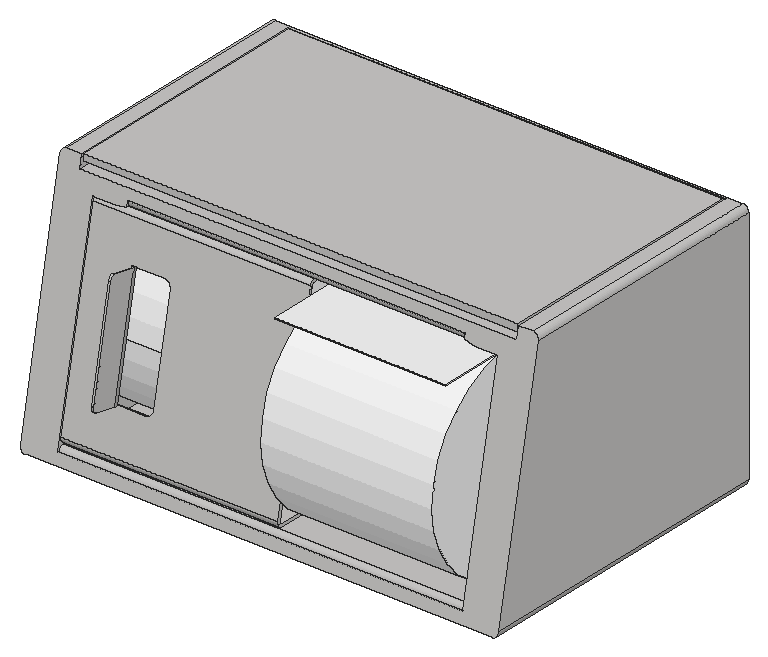
Revit family "PRD_FrankeWS_TltRllHldrs_EXOSDoubleToiletRollHolder_EXOS676X_676B_676W", category Specialty Equipment, host Face, Revit 2018
Family settings
  Host = Face
  Round Connector Dimension = Use Diameter
  Part Type = Normal
  OmniClass Number = 23.40.20.21.21
  OmniClass Title = Toilet Paper Dispensers
  Cut with Voids When Loaded = No
  Shared = No
  Room Calculation Point = No
Parameters (values of type "EXOS676X")
  WarrantyStartDate [instance] = "1900-12-31T23:59:59"
  WarrantyGuarantorParts = "n/a"
  WarrantyGuarantorLabor = "n/a"
  WarrantyDurationUnit = "year"
  WarrantyDurationParts = "n/a"
  WarrantyDurationLabor = "n/a"
  WarrantyDescription = "n/a"
  Version = "1"
  Uniclass2015Version = "Products v1.17"
  Uniclass2015Title = "Toilet roll holders"
  Uniclass2015Code = "Pr_40_20_76_88"
  URL = "www.kwc.com"
  TypeOfMounting = "Wall mounting"
  TypeOfFixing = "Screw"
  ToiletRollMaterial = PRD_AR_ToiletRoll
  TailorMade = "n/a"
  TagNumber [instance] = "n/a"
  SustainabilityPerformance = "n/a"
  SurfaceTreatment = "InoxPlus (anti fingerprint)"
  Style = "Roll holder"
  Spindle = "Yes"
  Size = "280 x 193 x 147 mm"
  Shape = "n/a"
  SerialNumber [instance] = "n/a"
  Revision = "n/a"
  ReplacementCost = "n/a"
  ProductInformation = "https://pim.kwc.com/product/2030033180/attachment/datasheet?locale=en"
  PanelMaterial = PRD_AR_StainlessSteel_SatinFinished
  NominalWidth = 280.00 mm
  NominalHeight = 193.00 mm
  NominalDepth = 147.00 mm
  NetWeight = 3.09 kg
  Name = "Double toilet roll holder EXOS676X"
  NBSTypeID = "n/a"
  NBSReference = "45-35-72/368"
  NBSOfficeMasterTag = "n/a"
  NBSNote = "n/a"
  NBSDescription = "Toilet roll holders"
  NBSCertification = "n/a"
  ModelReference = "EXOS676X"
  ModelNumber = "2030033180"
  Model = ModelReference  # "EXOS676X"
  MaximumWidthOfConsumable = "100.00 mm"
  MaximumDepthDiameterOfConsumable = "120.00 mm"
  MaterialThickness = "1.20 mm"
  MaterialCode = "1.4301"
  Material = "stainless steel"
  ManufacturerURL = "www.kwc.com"
  ManufacturerName = "KWC Group AG"  # constant formula
  Manufacturer = ManufacturerName  # "KWC Group AG"
  MainColor = "stainless steel"
  Lock = "Key-lock"
  IsBuiltIn = "TRUE"
  IntegralAccessories = "incl. mounting materials"
  InstallationDate [instance] = "1900-12-31T23:59:59"
  IfcExportType = "USERDEFINED"
  IfcExportAs = "IfcFurnitureType"
  GrossWeight = 3.90 kg
  Grade = "n/a"
  Finish = "satin finished"
  FillingQuantityUom = "Rolls"
  FillingQuantity = "2"
  Features = "stainless steel, surface satin finished"
  ExpectedLife = "n/a"
  DurationUnit = "year"
  DispenserMaterial = PRD_AR_StainlessSteel_SatinFinished
  Description = "Double toilet roll holder with spindle system for wall mounting, stainless steel with satin finish and InoxPlus surface refinement for the reduction of finger marks and better cleaning characteristics (easy to clean), material thickness 1.2 mm, closed casing, for two rolls with a maximum diameter of 120 mm, when the first roll is used up, the hidden spare roll is released by sliding the bottom cover on the opposite side, includes mounting materials."
  Default Elevation = 1200.00 mm
  CreatedOn = "05/2020"  # constant formula
  Constituents = "n/a"
  Color = "n/a"
  CodePerformance = "n/a"
  Category = "Pr_40_20_76_88, Toilet roll holders"
  BarCode [instance] = "n/a"
  BIMObjectName = "PRD_AR_ToiletRollHolders_EXOSDoubleToiletRollHolder_EXOS676X"
  Author = "Archispace"  # constant formula
  AssetType = "Fixed"
  AssetIdentifier [instance] = "n/a"
  AccessibilityPerformance = "n/a"
Types (3, lengths in mm): name | ProductInformation | PanelMaterial | NetWeight | Name | ModelReference | ModelNumber | Model | GrossWeight | Description | BIMObjectName
  EXOS676X | "https://pim.kwc.com/product/2030033180/attachment/datasheet?locale=en" | PRD_AR_StainlessSteel_SatinFinished | 3.09 kg | "Double toilet roll holder EXOS676X" | "EXOS676X" | "2030033180" | "EXOS676X" | 3.90 kg | "Double toilet roll holder with spindle system for wall mounting, stainless steel with satin finish and InoxPlus surface refinement for the reduction of finger marks and better cleaning characteristics (easy to clean), material thickness 1.2 mm, closed casing, for two rolls with a maximum diameter of 120 mm, when the first roll is used up, the hidden spare roll is released by sliding the bottom cover on the opposite side, includes mounting materials." | "PRD_AR_ToiletRollHolders_EXOSDoubleToiletRollHolder_EXOS676X"
  EXOS676B | "https://pim.kwc.com/product/2030034645/attachment/datasheet?locale=en" | PRD_AR_Glass_Black | 3.49 kg | "Double toilet roll holder EXOS676B" | "EXOS676B" | "2030034645" | "EXOS676B" | 4.37 kg | "Double toilet roll holder with spindle system for wall mounting, stainless steel with satin finish, black safety glass front panel and casing with InoxPlus surface refinement for the reduction of finger marks and better cleaning characteristics (easy to clean), material thickness 1.2 mm, closed casing, for two rolls with a maximum diameter of 120 mm, when the first roll is used up, the hidden spare roll is released by sliding the bottom cover on the opposite side, includes mounting materials." | "PRD_AR_ToiletRollHolders_EXOSDoubleToiletRollHolder_EXOS676B"
  EXOS676W | "https://pim.kwc.com/product/2030034670/attachment/datasheet?locale=en" | PRD_AR_Glass_White | 3.49 kg | "Double toilet roll holder EXOS676W" | "EXOS676W" | "2030034670" | "EXOS676W" | 4.37 kg | "Double toilet roll holder with spindle system for wall mounting, stainless steel with satin finish, white safety glass front panel and casing with InoxPlus surface refinement for the reduction of finger marks and better cleaning characteristics (easy to clean), material thickness 1.2 mm, closed casing, for two rolls with a maximum diameter of 120 mm, when the first roll is used up, the hidden spare roll is released by sliding the bottom cover on the opposite side, includes mounting materials." | "PRD_AR_ToiletRollHolders_EXOSDoubleToiletRollHolder_EXOS676W"
Reference planes
  plane 1 "Center (Front/Back)": y = 0
  plane 2: z = 0
  plane 3 "Center (Left/Right)": x = 0
Dimensions and locks
  aligned and locked: plane 2 to host face
  aligned and locked: level to host face
Nested families
  nested 1: "EXOS676" at (0, 0, 0), type "EXOS676"
Definition of nested family "EXOS676"
  Parameters (values of type "EXOS676")
    ToiletRollMaterial = none
    Material = none
    FrontMaterial = none
  Reference planes
    plane 1 "Center (Front/Back)": y = 0
    plane 2: z = 0
    plane 3 "Center (Left/Right)": x = 0
    plane 4: x = -140
    plane 5: x = 140
    plane 6: through (0, -67.223, 117.008) normal (0, -0.9791, 0.2032)
    plane 7: through (0, -62.46, 34.316) normal (0, 0.2032, 0.9791)
  Forms (mm)
    Extrusion 1, solid, material <- "Material", detail levels fine
      sketch origin (0, 0, 0) x (1, 0, 0) y (0, 0, 1)
        loop
          line (-136.5, 0) -> (136.5, 0)
          arc (136.5, 0) -> (138.975, 1.025) -> (140, 3.5) r 3.5
          line (140, 3.5) -> (140, 143.5)
          arc (140, 143.5) -> (138.975, 145.975) -> (136.5, 147) r 3.5
          line (136.5, 147) -> (-136.5, 147)
          arc (-136.5, 147) -> (-138.975, 145.975) -> (-140, 143.5) r 3.5
          line (-140, 143.5) -> (-140, 3.5)
          arc (-140, 3.5) -> (-138.975, 1.025) -> (-136.5, 0) r 3.5
      from -91.5 to 91.5
    Extrusion 2, void
      sketch origin (0, 0, 0) x (0, 1, 0) y (0, 0, 1)
        loop
          line (-91.5, 0) -> (-60.938, 147.3) -> (-91.5, 147.3) -> (-91.5, 0)
      from -150 to 150
    Extrusion 3, void
      sketch origin (0, 0, -63) x (1, 0, 0) y (0, 0, 1)
        loop
          line (128, 210) -> (-128, 210) -> (-128, 203) -> (128, 203) -> (128, 210)
      from -90 to 91.5
    Extrusion 4, solid, material <- "FrontMaterial", detail levels medium+fine
      sketch origin (0, 0, -63) x (1, 0, 0) y (0, 0, 1)
        loop
          line (-127, 206.3) -> (127, 206.3) -> (127, 210.3) -> (-127, 210.3) -> (-127, 206.3)
      from -89 to 60.5
    Revolve 5, solid, material <- "Material", detail levels fine
      sketch origin (0, -121, 96.5) x (1, 0, 0) y (0, 1, 0)
        loop
          line (0, 212.5) -> (10, 212.5) -> (10, 215.266)
          arc (10, 215.266) -> (9.414, 216.68) -> (8, 217.266) r 2
          line (8, 217.266) -> (6.324, 217.266)
          arc (6.324, 217.266) -> (5.966, 217.585) -> (5.5, 217.7) r 1
          line (5.5, 217.7) -> (0, 217.7) -> (0, 212.5)
        axis (0, 217.7) -> (0, 212.5)
      angle from 0 to 360
    Revolve 6, solid, material <- "Material", detail levels medium
      sketch origin (0, -121, 96.5) x (1, 0, 0) y (0, 1, 0)
        loop
          line (0, 212.5) -> (10, 212.5) -> (10, 217.7) -> (0, 217.7) -> (0, 212.5)
        axis (0, 217.7) -> (0, 212.5)
      angle from 0 to 360
    Extrusion 7, void
      sketch origin (0, 0, 0) x (1, 0, 0) y (0, 0, 1)
        loop
          line (-118.5, 7) -> (118.5, 7) -> (118.5, 130) -> (104.8, 130) -> (98.8, 131) -> (98.8, 134) -> (-98.8, 134) -> (-98.8, 131) -> (-104.8, 130) -> (-118.5, 130) -> (-118.5, 7)
      from -90 to 95.994
    Extrusion 8, solid, material <- "Material", detail levels fine
      sketch origin (0, 0, 0) x (0, 1, 0) y (0, 0, 1)
        loop
          line (-66.73, 9.7) -> (-86.73, 9.7)
          arc (-86.73, 9.7) -> (-88.869, 8.94) -> (-90.048, 7) r 3.388
          line (-90.048, 7) -> (-66.73, 7) -> (-66.73, 9.7)
      from -118.5 to 118.5
    Extrusion 9, solid, material <- "Material", detail levels fine
      sketch origin (0, 0, 0) x (0, 1, 0) y (0, 0, 1)
        loop
          arc (-63.675, 134.109) -> (-63.051, 131.59) -> (-60.695, 130.5) r 3
          line (-60.695, 130.5) -> (-59.695, 130.5) -> (-59.695, 136.874) -> (-63.101, 136.874) -> (-63.675, 134.109)
      from -98.5 to 98.5
    Extrusion 10, solid, material <- "Material", detail levels fine
      sketch origin (0, 0, 0) x (0, 1, 0) y (0, 0, 1)
        loop
          line (-65.023, 127.609) -> (-88.531, 14.309)
          arc (-88.531, 14.309) -> (-87.92, 11.806) -> (-85.594, 10.7) r 3
          line (-85.594, 10.7) -> (-60.5, 10.7) -> (-60.5, 11.9) -> (-85.594, 11.9)
          arc (-85.594, 11.9) -> (-86.99, 12.564) -> (-87.356, 14.066) r 1.8
          line (-87.356, 14.066) -> (-63.848, 127.366)
          arc (-63.848, 127.366) -> (-63.222, 128.396) -> (-62.086, 128.8) r 1.8
          line (-62.086, 128.8) -> (-60.5, 128.8) -> (-60.5, 130) -> (-62.086, 130)
          arc (-62.086, 130) -> (-63.979, 129.327) -> (-65.023, 127.609) r 3
      from -118.5 to 9
    Extrusion 11, void
      sketch origin (0, -61, 147) x (0, -0.203156, -0.979146) y (1, 0, 0)
        loop
          line (110.631, -92) -> (110.631, -72.5)
          arc (110.631, -72.5) -> (109.459, -69.672) -> (106.631, -68.5) r 4
          line (106.631, -68.5) -> (46.631, -68.5)
          arc (46.631, -68.5) -> (43.802, -69.672) -> (42.631, -72.5) r 4
          line (42.631, -72.5) -> (42.631, -92) -> (110.631, -92)
      from -1.2 to 0
    Extrusion 12, solid, material <- "Material", detail levels fine
      sketch origin (0, -62.46, 34.316) x (0, 0.979146, -0.203156) y (-1, 0, 0)
        loop
          line (-23.662, 89.8) -> (-40.462, 89.8) -> (-40.462, 88.6) -> (-23.662, 88.6)
          arc (-23.662, 88.6) -> (-21.258, 89.596) -> (-20.262, 92) r 3.4
          line (-20.262, 92) -> (-21.462, 92)
          arc (-21.462, 92) -> (-22.107, 90.444) -> (-23.662, 89.8) r 2.2
      from 0 to 68
    Extrusion 13, void
      sketch origin (0, 0, 0) x (0, 1, 0) y (0, 0, 1)
        loop
          line (-102.079, 42.536) -> (-99.142, 41.927)
          arc (-99.142, 41.927) -> (-101.04, 43.218) -> (-101.47, 45.474) r 3
          line (-101.47, 45.474) -> (-102.079, 42.536)
        loop
          line (-88.264, 109.118) -> (-88.874, 106.181)
          arc (-88.874, 106.181) -> (-87.583, 108.079) -> (-85.327, 108.509) r 3
          line (-85.327, 108.509) -> (-88.264, 109.118)
      from -92 to -85.499
    Extrusion 14, solid, material <- "ToiletRollMaterial", detail levels fine
      sketch origin (0, 0, 0) x (0, 1, 0) y (0, 0, 1)
        loop
          arc (-58.265, 127.2) -> (-43.601, 8.2) -> (-48.5, 128) r 60
          line (-48.5, 128) -> (-98.5, 128) -> (-98.5, 127.2) -> (-58.265, 127.2)
      from 15 to 115
    Extrusion 15, solid, material <- "ToiletRollMaterial", detail levels fine
      sketch origin (0, 35, 0) x (0, 1, 0) y (0, 0, 1)
        loop
          circle (-48.5, 68) r 60
      from -15 to -115
    Extrusion 16, solid, material <- "Material", detail levels medium
      sketch origin (0, 0, 0) x (1, 0, 0) y (0, 0, 1)
        loop
          line (-140, 0) -> (140, 0) -> (140, 147) -> (-140, 147) -> (-140, 0)
      from -91.5 to 91.5
    Extrusion 17, solid, material <- "Material", detail levels medium
      sketch origin (0, 0, 0) x (0, 1, 0) y (0, 0, 1)
        loop
          line (-83.475, 38.676) -> (-69.661, 105.258) -> (-88.264, 109.118) -> (-102.079, 42.536) -> (-83.475, 38.676)
      from -89.8 to -88.6
    Extrusion 18, solid, material <- "ToiletRollMaterial", detail levels coarse+medium
      sketch origin (0, 0, 0) x (0, 1, 0) y (0, 0, 1)
        loop
          arc (-65.449, 125.556) -> (-107.249, 80.189) -> (-86.948, 21.938) r 60
          line (-86.948, 21.938) -> (-65.449, 125.556)
      from 15 to 115
    Extrusion 19, solid, material <- "Material", detail levels coarse
      sketch origin (0, 0, 0) x (0, 1, 0) y (0, 0, 1)
        loop
          line (91.5, 147) -> (-61, 147) -> (-91.5, 0) -> (91.5, 0) -> (91.5, 147)
      from -140 to 140
  Cuts and joins
    Extrusion 2, Extrusion 3, Extrusion 7 cuts Extrusion 1
    joined: Extrusion 1, Extrusion 8, Extrusion 9
    Extrusion 2 cuts Extrusion 4
    Extrusion 11 cuts Extrusion 10
    Extrusion 13 cuts Extrusion 12
    joined: Extrusion 10, Extrusion 12
    Extrusion 2, Extrusion 3 cuts Extrusion 16
  Dimensions and locks
    plane 4 to plane 3 "Center (Left/Right)" = 140.00 mm
    plane 3 "Center (Left/Right)" to plane 5 = 140.00 mm
    aligned and locked: level to plane 2
